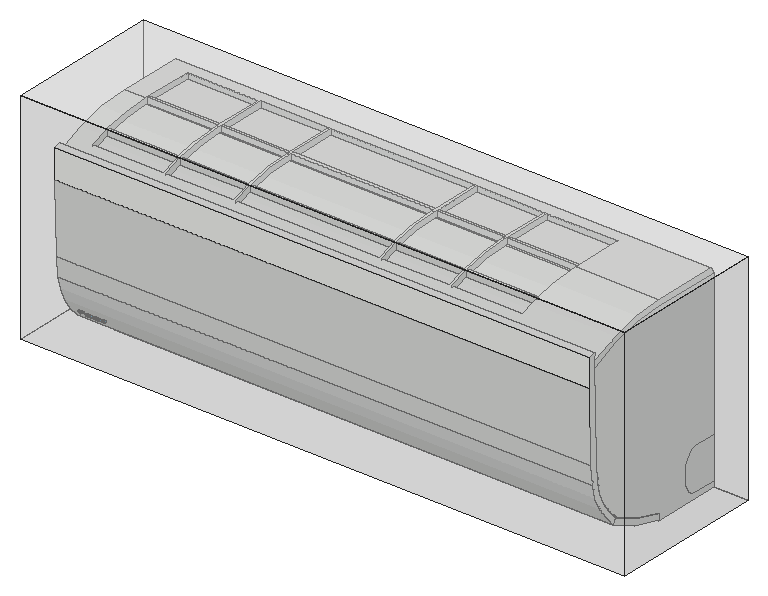
Revit family "outputfile", category 機械設備, Revit 2024
Family settings
  丸型コネクタ寸法 = 半径を使用
  パーツ タイプ = 標準
  OmniClass 番号 = 23.75.10.24.21.27.27
  OmniClass タイトル = Split System Air Conditioning Units
  作業面ベース = いいえ
  常に垂直 = はい
  ロード時にボイドで切り取り = いいえ
  注釈の向きを維持 = いいえ
  共有 = いいえ
  部屋計算ポイント = いいえ
Parameters (values of type "FTXF35W2VMA")
  Description = ""
  書き出し IFC クラス(タイプ) = "IfcUnitaryEquipmentType"
  定義済み IFC タイプ(タイプ) = "AIRCONDITIONINGUNIT"
  Cost = 0
  Type Comments = ""
  Keynote = ""
  Type Image = (empty or 0)
  Assembly Code = ""
  w_wall hole = if(Width = 770.0 mm, 48.0 mm, 60.0 mm)  # 48.0 mm
  製造元 = "Daikin"
  モデル = "FTXF35W2VMA"
  switch_frequency = yes
  r_Liquid Pipe Size = Liquid Pipe Size / 2  # 3.2 mm
  r_Gas Pipe Size = Gas Pipe Size / 2  # 4.75 mm
  r_Drain Pipe Size = Drain Pipe Size / 2  # 8.0 mm
  lw_powersupply [instance] = if(Width = 770.0 mm, if(or(Rear Right Connection_refrigerant, Bottom Right Connection_refrigerant), 25.0 mm, if(or(Rear Left Connection_refrigerant, Bottom Left Connection_refrigerant), 745.0 mm, 400.0 mm)), if(Width = 990.0 mm, if(or(Rear Right Connection_refrigerant, Bottom Right Connection_refrigerant), 40.0 mm, if(or(Rear Left Connection_refrigerant, Bottom Left Connection_refrigerant), 920.0 mm, 400.0 mm)), if(or(Rear Right Connection_refrigerant, Bottom Right Connection_refrigerant), 40.0 mm, if(or(Rear Left Connection_refrigerant, Bottom Left Connection_refrigerant), 920.0 mm, 400.0 mm))))  # 400.0 mm
  lw_liquidpipe [instance] = if(Width = 770.0 mm, if(or(Rear Right Connection_refrigerant, Bottom Right Connection_refrigerant), 0.0 mm, if(or(Rear Left Connection_refrigerant, Bottom Left Connection_refrigerant), 664.0 mm, 385.0 mm)), if(Width = 990.0 mm, if(or(Rear Right Connection_refrigerant, Bottom Right Connection_refrigerant), 0.0 mm, if(or(Rear Left Connection_refrigerant, Bottom Left Connection_refrigerant), 664.0 mm + (990.0 mm - 770.0 mm), 475.0 mm)), if(or(Rear Right Connection_refrigerant, Bottom Right Connection_refrigerant), 0.0 mm, if(or(Rear Left Connection_refrigerant, Bottom Left Connection_refrigerant), 664.0 mm + (990.0 mm - 770.0 mm), 475.0 mm))))  # 385.0 mm
  lw_gaspipe [instance] = if(Width = 770.0 mm, if(or(Rear Right Connection_refrigerant, Bottom Right Connection_refrigerant), 0.0 mm, if(or(Rear Left Connection_refrigerant, Bottom Left Connection_refrigerant), 675.0 mm, if(Gas Pipe Size = 12.7 mm, 335.0 mm, 335.0 mm))), if(Width = 990.0 mm, if(or(Rear Right Connection_refrigerant, Bottom Right Connection_refrigerant), 10.0 mm, if(or(Rear Left Connection_refrigerant, Bottom Left Connection_refrigerant), 890.0 mm, if(Gas Pipe Size = 15.9 mm, 400.0 mm, 400.0 mm))), if(or(Rear Right Connection_refrigerant, Bottom Right Connection_refrigerant), 10.0 mm, if(or(Rear Left Connection_refrigerant, Bottom Left Connection_refrigerant), 890.0 mm, if(Gas Pipe Size = 15.9 mm, 400.0 mm, 400.0 mm)))))  # 335.0 mm
  lw_drainpipe [instance] = if(Width = 770.0 mm, if(or(Rear Right Connection_refrigerant, Bottom Right Connection_refrigerant), 0.0 mm, if(or(Rear Left Connection_refrigerant, Bottom Left Connection_refrigerant), 770.0 mm - 48.0 mm - 48.0 mm, 440.0 mm)), if(Width = 990.0 mm, if(or(Rear Right Connection_refrigerant, Bottom Right Connection_refrigerant), 0.0 mm, if(or(Rear Left Connection_refrigerant, Bottom Left Connection_refrigerant), 675.0 mm + (990.0 mm - 770.0 mm), 435.0 mm)), if(or(Rear Right Connection_refrigerant, Bottom Right Connection_refrigerant), 0.0 mm, if(or(Rear Left Connection_refrigerant, Bottom Left Connection_refrigerant), 675.0 mm + (990.0 mm - 770.0 mm), 435.0 mm))))  # 440.0 mm
  l_powersupply_length [instance] = if(Width = 770.0 mm, if(Right Connection_refrigerant, 400.0 mm, if(Left Connection_refrigerant, 770.0 mm - 400.0 mm, if(or(Rear Left Connection_refrigerant, Rear Right Connection_refrigerant), 15.0 mm, 50.0 mm))), if(Width = 990.0 mm, if(Right Connection_refrigerant, 400.0 mm, if(Left Connection_refrigerant, 990.0 mm - 400.0 mm, if(or(Rear Left Connection_refrigerant, Rear Right Connection_refrigerant), 15.0 mm, 50.0 mm))), if(Right Connection_refrigerant, 400.0 mm, if(Left Connection_refrigerant, 990.0 mm - 400.0 mm, if(or(Rear Left Connection_refrigerant, Rear Right Connection_refrigerant), 15.0 mm, 50.0 mm)))))  # 400.0 mm
  l_liquidpipe_length [instance] = if(Width = 770.0 mm, if(Right Connection_refrigerant, 433.0 mm, if(Left Connection_refrigerant, 337.0 mm, if(or(Rear Left Connection_refrigerant, Rear Right Connection_refrigerant), 30.0 mm, 40.0 mm))), if(Width = 990.0 mm, if(Right Connection_refrigerant, 535.0 mm, if(Left Connection_refrigerant, 455.0 mm, if(or(Rear Left Connection_refrigerant, Rear Right Connection_refrigerant), 30.0 mm, 40.0 mm))), if(Right Connection_refrigerant, 535.0 mm, if(Left Connection_refrigerant, 455.0 mm, if(or(Rear Left Connection_refrigerant, Rear Right Connection_refrigerant), 30.0 mm, 40.0 mm)))))  # 433.0 mm
  l_gaspipe_length [instance] = if(Width = 770.0 mm, if(Right Connection_refrigerant, if(Gas Pipe Size = 12.7 mm, 383.0 mm, 383.0 mm), if(Left Connection_refrigerant, if(Gas Pipe Size = 12.7 mm, 770.0 mm - 383.0 mm, 770.0 mm - 383.0 mm), if(or(Rear Left Connection_refrigerant, Rear Right Connection_refrigerant), 40.0 mm, 50.0 mm))), if(Width = 990.0 mm, if(Right Connection_refrigerant, if(Gas Pipe Size = 15.9 mm, 460.0 mm, 460.0 mm), if(Left Connection_refrigerant, if(Gas Pipe Size = 15.9 mm, 990.0 mm - 460.0 mm, 990.0 mm - 460.0 mm), if(or(Rear Left Connection_refrigerant, Rear Right Connection_refrigerant), 40.0 mm, 50.0 mm))), if(Right Connection_refrigerant, if(Gas Pipe Size = 15.9 mm, 460.0 mm, 460.0 mm), if(Left Connection_refrigerant, if(Gas Pipe Size = 15.9 mm, 990.0 mm - 460.0 mm, 990.0 mm - 460.0 mm), if(or(Rear Left Connection_refrigerant, Rear Right Connection_refrigerant), 40.0 mm, 50.0 mm)))))  # 383.0 mm
  l_drainpipe_length [instance] = if(Width = 770.0 mm, if(Right Connection_refrigerant, 488.0 mm, if(Left Connection_refrigerant, 282.0 mm, if(or(Rear Left Connection_refrigerant, Rear Right Connection_refrigerant), 15.0 mm, 20.0 mm))), if(Width = 990.0 mm, if(Right Connection_refrigerant, 495.0 mm, if(Left Connection_refrigerant, 495.0 mm, if(or(Rear Left Connection_refrigerant, Rear Right Connection_refrigerant), 15.0 mm, 20.0 mm))), if(Right Connection_refrigerant, 495.0 mm, if(Left Connection_refrigerant, 495.0 mm, if(or(Rear Left Connection_refrigerant, Rear Right Connection_refrigerant), 15.0 mm, 20.0 mm)))))  # 488.0 mm
  h*** = 0.0 mm  # constant formula
  connector_voltage = Voltage_50Hz  # 230 V
  connector_powerinput = if([Power Input (Cooling)] > [Power Input (Heating)], [Power Input (Cooling)], [Power Input (Heating)])  # 0.000 kW
  connector_phase = Phase_50Hz  # 1
  angle_vertical [instance] = if(or(Bottom Left Connection_refrigerant, Bottom Right Connection_refrigerant), 0.00°, 90.00°)  # 90.00°
  angle_horizontal [instance] = if(Right Connection_refrigerant, 90.00°, if(Left Connection_refrigerant, -90.00°, if(or(Rear Left Connection_refrigerant, Rear Right Connection_refrigerant), 180.00°, 0.00°)))  # 90.00°
  Width = 770.0 mm
  Voltage_comment_50Hz = "220 - 240"
  Voltage_50Hz = 230 V
  Version = "ver.1.0"
  Unit Type = "Wall Mounted"
  Unit Mass Weight = 9.00 kg
  Unit Designation [instance] = ""
  Uniclass2015Version = "Products v1.30"
  Uniclass2015Title = "Split coil room air conditioning units"
  Uniclass2015Code = "Pr_70_65_03_86"
  URL = ""
  Total Heating Capacity [instance] = 0.000 kW
  Total Cooling Capacity [instance] = 0.000 kW
  Sound Pressure Level_M speed (dBA) = 35
  Sound Pressure Level_L speed (dBA) = 28
  Sound Pressure Level_H speed (dBA) = 42
  Sound Power Level_H speed (dB) = 0
  Series = "Single Split_Fan Coil Unit"
  Sensible Cooling Capacity [instance] = 0.000 kW
  Refrigerant Type = "R32"
  Power Input (Heating) = 0.000 kW
  Power Input (Cooling) = 0.000 kW
  Phase_50Hz = 1
  Option Accessory 3 [instance] = ""
  Option Accessory 2 [instance] = ""
  Option Accessory 1 [instance] = ""
  Nominal Heating Capacity = 3.700 kW
  Nominal Cooling Capacity = 3.500 kW
  Minimum Circuit Amps_50Hz = 0.0 A
  Minimum Airflow = 342.00 m³/h
  Median Airflow = 456.00 m³/h
  Maximum Fuse Amps_50Hz = 0.0 A
  Maximum Airflow = 624.00 m³/h
  Material_Casing = DAIKIN_PureWhite_Casing_indoorunit
  Load Classification = HVAC
  Liquid Pipe Size = 6.4 mm
  Link_Nested Family [instance] = ""
  IfcVersion = ""
  IfcExportType = "AIRCONDITIONINGUNIT"
  IfcExportAs = "IfcUnitaryEquipmentType"
  Height = 285.0 mm
  Heating Entering Wet Bulb Temperature [instance] = 0.00 °C
  Heating Entering Dry Bulb Temperature [instance] = 0.00 °C
  Heating Ambient Wet Bulb Temperature [instance] = 0.00 °C
  Heating Ambient Dry Bulb Temperature [instance] = 0.00 °C
  Heat Exchanger Type = "Cross Fin Coil"
  Gas Pipe Size = 9.5 mm
  Frequency_50Hz = 50 Hz
  Fan Type = "Cross Flow Fan"
  Fan Drive = "Direct Drive"
  FCU Tag No. [instance] = ""
  Drain Pipe Size = 16.0 mm
  Design Supply Airflow [instance] = 0.00 m³/h
  Depth = 223.0 mm
  既定の高さ = 0.0 mm
  Cooling Entering Wet Bulb Temperature [instance] = 0.00 °C
  Cooling Entering Dry Bulb Temperature [instance] = 0.00 °C
  Cooling Ambient Wet Bulb Temperature [instance] = 0.00 °C
  Cooling Ambient Dry Bulb Temperature [instance] = 0.00 °C
  Clearance visibility [instance] = yes
  Clearance Top = 30.0 mm
  Clearance Right = 50.0 mm
  Clearance Rear = 0.0 mm
  Clearance Left = 50.0 mm
  Clearance Front = 0.0 mm
  Clearance Bottom = 0.0 mm
  Bottom Right Connection_refrigerant [instance] = no
  Bottom Left Connection_refrigerant [instance] = no
  Rear Right Connection_refrigerant [instance] = no
  Rear Left Connection_refrigerant [instance] = no
  Right Connection_refrigerant [instance] = yes
  Left Connection_refrigerant [instance] = no
Reference planes
  plane 1 "Back": y = 0
  plane 2: z = 0
  plane 3 "Center (Left/Right)": x = 0
  plane 4 "Center (Front/Back)": y = -111.5
  plane 5 "Front": y = -223
  plane 6 "Left": x = -385
  plane 7 "Right": x = 385
  plane 8 "Top": z = 0
  plane 9 "Bottom": z = -285
  plane 10: x = -435
  plane 11: x = 435
  plane 12: y = 0
  plane 13: y = -223
  plane 14: z = 30
  plane 15: z = -285
  plane 16 "lw_Piping and Wiring intake": x = 337
  plane 17 "lw_gaspipe": x = 2
  plane 18 "lw_liquidpipe": x = -48
  plane 19 "lw_drainpipe": x = -103
  plane 20 "lh_drainpipe": z = -265
  plane 21 "lh_liquidpipe": z = -245
  plane 22 "lh_gaspipe": z = -235
  plane 23 "ld_drainpipe": y = -15
  plane 24 "ld_liquidpipe": y = -30
  plane 25 "ld_gaspipe": y = -40
  plane 26 "lw_powersupply": x = -15
Dimensions and locks
  equal spacing: plane 6 "Left", plane 3 "Center (Left/Right)", plane 7 "Right"
  "Width": plane 6 "Left" to plane 7 "Right"
  equal spacing: plane 5 "Front", plane 4 "Center (Front/Back)", plane 1 "Back"
  "Depth": plane 5 "Front" to plane 1 "Back"
  "Height": plane 8 "Top" to plane 9 "Bottom"
  "Clearance Rear": plane 12 to plane 1 "Back"
  "Clearance Front": plane 13 to plane 5 "Front"
  "Clearance Top": plane 14 to plane 8 "Top"
  "Clearance Bottom": plane 9 "Bottom" to plane 15
  "w_wall hole": plane 16 "lw_Piping and Wiring intake" to plane 7 "Right"
  "lw_gaspipe": plane 17 "lw_gaspipe" to plane 16 "lw_Piping and Wiring intake"
  "lw_liquidpipe": plane 18 "lw_liquidpipe" to plane 16 "lw_Piping and Wiring intake"
  "lw_drainpipe": plane 19 "lw_drainpipe" to plane 16 "lw_Piping and Wiring intake"
  locked: plane 20 "lh_drainpipe" to plane 9 "Bottom" at 20
  locked: plane 21 "lh_liquidpipe" to plane 9 "Bottom" at 40
  locked: plane 22 "lh_gaspipe" to plane 9 "Bottom" at 50
  locked: plane 23 "ld_drainpipe" to plane 1 "Back" at 15
  locked: plane 1 "Back" to plane 24 "ld_liquidpipe" at 30
  locked: plane 1 "Back" to plane 25 "ld_gaspipe" at 40
  "lw_powersupply": plane 26 "lw_powersupply" to plane 7 "Right"
  "Clearance Left": plane 10 to plane 6 "Left"
  "Clearance Right": plane 7 "Right" to plane 11
  aligned and locked: level to plane 2
  aligned and locked: plane 12 to nested 1
  aligned and locked: nested 1 to plane 13
  aligned and locked: plane 10 to nested 1
  aligned and locked: plane 11 to nested 1
  aligned and locked: plane 15 to nested 1
  aligned and locked: plane 14 to nested 1
  aligned and locked: plane 17 "lw_gaspipe" to nested 2
  aligned and locked: nested 2 to plane 25 "ld_gaspipe"
  aligned and locked: plane 18 "lw_liquidpipe" to nested 3
  aligned and locked: nested 3 to plane 24 "ld_liquidpipe"
  aligned and locked: plane 19 "lw_drainpipe" to nested 4
  aligned and locked: nested 4 to plane 23 "ld_drainpipe"
  aligned and locked: nested 5 to plane 23 "ld_drainpipe"
  aligned and locked: plane 26 "lw_powersupply" to nested 5
  aligned and locked: level to plane 8 "Top"
  aligned and locked: plane 3 "Center (Left/Right)" to nested 6
  aligned and locked: plane 1 "Back" to nested 6
  aligned and locked: plane 8 "Top" to nested 6
Nested families
  nested 1: "daikin_clearancespace" at (0, -111.5, -127.381), show <- "Clearance visibility", visible <- "Clearance visibility", Link_Nested Family <- "Link_Nested Family", type "daikin_clearancespace"
    with width 870.0 mm, show yes, height 315.0 mm, depth 223.0 mm, Link_Nested Family ""
  nested 2: "daikin_connector_rotate3" at (2, -40, -235), angle_vertical <- "angle_vertical", angle_horizontal <- "angle_horizontal", length <- "l_gaspipe_length", radius <- "r_Gas Pipe Size", type "daikin_connector_rotate3"
    with show no, radius 4.75 mm, length 383.0 mm, angle_vertical 90.00°, angle_horizontal 90.00°
  nested 3: "daikin_connector_rotate3" at (-48, -30, -245), angle_vertical <- "angle_vertical", angle_horizontal <- "angle_horizontal", radius <- "r_Liquid Pipe Size", length <- "l_liquidpipe_length", type "daikin_connector_rotate3"
    with show no, radius 3.2 mm, length 433.0 mm, angle_vertical 90.00°, angle_horizontal 90.00°
  nested 4: "daikin_connector_rotate3" at (-103, -15, -265), angle_vertical <- "angle_vertical", angle_horizontal <- "angle_horizontal", length <- "l_drainpipe_length", radius <- "r_Drain Pipe Size", type "daikin_connector_rotate3"
    with show no, radius 8.0 mm, length 488.0 mm, angle_vertical 90.00°, angle_horizontal 90.00°
  nested 5: "daikin_connector_rotate3" at (-15, -15, -235), angle_vertical <- "angle_vertical", angle_horizontal <- "angle_horizontal", length <- "l_powersupply_length", type "daikin_connector_rotate3"
    with show no, radius 10.0 mm, length 400.0 mm, angle_vertical 90.00°, angle_horizontal 90.00°
  nested 6: "DAIKIN_indoorunit_FTXF-W2VMA" at (-31, 0, 0), type "FTXF-W2VMA"
Connectors
  piping at (385, -40, -235), diameter 9.5, driven by "r_Gas Pipe Size"
    settings: on nested 2, index 1, connector inside diameter 609.6 mm, connector length 0.0 mm, flow factor 0, pipe flow 0.00 m³/h, pressure drop 0.0 Pa, fitting loss kfactor 0, connector angle 0.00°, fixture units 0, engagement length 0.0 mm, angle of deflection 0.00°, flow configuration 1, flow direction 2, fitting loss method 0, system type 29, joint type 0, gender type 0, connector reference index -1, connector utility 0, adjustable connector no, is connector primary yes, connector description "Refrigerant Gas Piping"
  piping at (385, -30, -245), diameter 6.4, driven by "r_Liquid Pipe Size"
    settings: on nested 3, index 2, connector inside diameter 609.6 mm, connector length 0.0 mm, flow factor 0, pipe flow 0.00 m³/h, pressure drop 0.0 Pa, fitting loss kfactor 0, connector angle 0.00°, fixture units 0, engagement length 0.0 mm, angle of deflection 0.00°, flow configuration 1, flow direction 1, fitting loss method 0, system type 29, joint type 0, gender type 0, connector reference index -1, connector utility 0, adjustable connector no, is connector primary no, connector description "Refrigerant Liquid Piping"
  piping at (385, -15, -265), diameter 16, driven by "r_Drain Pipe Size"
    settings: on nested 4, index 3, connector inside diameter 609.6 mm, connector length 0.0 mm, flow factor 0, pipe flow 0.00 m³/h, pressure drop 0.0 Pa, fitting loss kfactor 0, connector angle 0.00°, fixture units 0, engagement length 0.0 mm, angle of deflection 0.00°, flow configuration 1, flow direction 2, fitting loss method 4, system type 16, joint type 0, gender type 0, connector reference index -1, connector utility 0, adjustable connector no, is connector primary no, connector description "Condensate Drain Piping"
  electrical at (385, -15, -235), driven by "Load Classification", driven by "connector_powerinput", driven by "connector_voltage", driven by "connector_phase"
    settings: on nested 5, index 4, voltage 230 V, apparent load 0 VA, apparent load phase1 0 VA, apparent load phase2 0 VA, apparent load phase3 0 VA, power factor 1, load classification "HVAC", number of poles 1, system type 30, power factor state 1, is connector primary yes, connector utility no, sub classification motor no, connector description "Power Supply"
Definition of nested family "daikin_clearancespace"
  Parameters (values of type "daikin_clearancespace")
    Description = "daikin_clearancespace"
    width [instance] = 1823.963 mm
    show [instance] = yes
    material = none
    height [instance] = 1359.762 mm
    depth [instance] = 880.0 mm
    Default Elevation = 0.0 mm
    Link_Nested Family [instance] = ""
  Reference planes
    plane 1 "Center (Front/Back)": y = 0
    plane 2 "Center (Elevation)": z = -0.119
    plane 3 "Center (Left/Right)": x = 0
    plane 4: y = 440
    plane 5: y = -440
    plane 6 "Right": x = 911.982
    plane 7 "Left": x = -911.982
    plane 8 "Top": z = 679.762
    plane 9 "Bottom": z = -680
  Forms (mm)
    Extrusion 1, solid, material <- "material", visible <- "show"
      sketch origin (0, 0, 0) x (1, 0, 0) y (0, 1, 0)
        loop
          line (-911.982, 440) -> (-911.982, -440) -> (911.982, -440) -> (911.982, 440) -> (-911.982, 440)
      from -680 to 679.762
  Lines and regions (mm)
    symbolic lines, visible <- "show"
      curve 1: line (911.982, 440, 0) -> (-911.982, 440, 0)
      curve 2: line (-911.982, 440, 0) -> (-911.982, -440, 0)
      curve 3: line (-911.982, -440, 0) -> (911.982, -440, 0)
      curve 4: line (911.982, -440, 0) -> (911.982, 440, 0)
      curve 5: line (911.982, 0, 679.762) -> (-911.982, 0, 679.762)
      curve 6: line (911.982, 0, -680) -> (911.982, 0, 679.762)
      curve 7: line (-911.982, 0, -680) -> (911.982, 0, -680)
      curve 8: line (-911.982, 0, 679.762) -> (-911.982, 0, -680)
      curve 9: line (0, 440, 679.762) -> (0, -440, 679.762)
      curve 10: line (0, -440, 679.762) -> (0, -440, -680)
      curve 11: line (0, 440, -680) -> (0, 440, 679.762)
      curve 12: line (0, -440, -680) -> (0, 440, -680)
  Dimensions and locks
    "width": plane 7 "Left" to plane 6 "Right"
    "depth": plane 4 to plane 5
    "height": plane 8 "Top" to plane 9 "Bottom"
    equal spacing: plane 7 "Left", plane 3 "Center (Left/Right)", plane 6 "Right"
    equal spacing: plane 4, plane 1 "Center (Front/Back)", plane 5
    equal spacing: plane 8 "Top", plane 2 "Center (Elevation)", plane 9 "Bottom"
    aligned and locked: level to plane 2 "Center (Elevation)"
    aligned and locked: Extrusion 1 sketch curve to plane 4
    aligned and locked: plane 7 "Left" to Extrusion 1 sketch curve
    aligned and locked: Extrusion 1 sketch curve to plane 5
    aligned and locked: Extrusion 1 sketch curve to plane 6 "Right"
    aligned and locked: plane 8 "Top" to Extrusion 1
    aligned and locked: curve 1 to Extrusion 1
    aligned and locked: curve 2 to Extrusion 1
    aligned and locked: curve 3 to Extrusion 1
    aligned and locked: curve 4 to Extrusion 1
    aligned and locked: curve 5 to Extrusion 1
    aligned and locked: curve 6 to Extrusion 1
    aligned and locked: curve 7 to Extrusion 1
    aligned and locked: curve 8 to Extrusion 1
    aligned and locked: curve 9 to Extrusion 1
    aligned and locked: curve 10 to Extrusion 1
    aligned and locked: curve 11 to Extrusion 1
    aligned and locked: curve 12 to Extrusion 1
    aligned and locked: Extrusion 1 to plane 9 "Bottom"
Definition of nested family "DAIKIN_indoorunit_FTXF-W2VMA"
  Parameters (values of type "FTKF-TVMA")
    switch_unit1_60-71 = Width = 990.0 mm  # no
    switch_unit1_20-50 = Width = 770.0 mm  # yes
    Width = 770.0 mm
    WALL HOLE-R = if(Width = 770.0 mm, 48.0 mm, 60.0 mm)  # 48.0 mm
    WALL HOLE Size = if(Width = 770.0 mm, 65.0 mm, 80.0 mm)  # 65.0 mm
    Material_Casing = none
    Height = if(Width = 770.0 mm, 285.0 mm, 295.0 mm)  # 285.0 mm
    Default Elevation = 0.0 mm
  Reference planes
    plane 1 "Center (Front/Back)": y = 0
    plane 2 "reference_level": z = 0
    plane 3 "Center (Left/Right)": x = 31
    plane 4: x = -354
    plane 5: x = 416
    plane 6: z = -285
  Forms (mm)
    Extrusion 1, solid, material <- "Material_Casing", visible <- "switch_unit1_20-50"
      sketch origin (29, 0, 0) x (0, 1, 0) y (0, 0, 1)
        loop
          line (-5, 0) -> (-98, 0)
          arc (-98, 0) -> (-157.611, -7.211) -> (-213.783, -28.427) r 250
          arc (-213.783, -28.427) -> (-213.842, -32.972) -> (-213.892, -37.516) r 2191
          arc (-213.892, -37.516) -> (-157.832, -15.495) -> (-98.07, -8) r 242
          line (-98.07, -8) -> (0, -8) -> (-5, 0)
      from -383 to 387
    Extrusion 2, solid, material <- "Material_Casing", visible <- "switch_unit1_20-50"
      sketch origin (416, 1296.25, 1200) x (0, 1, 0) y (0, 0, 1)
        loop
          line (-1472.998, -1446.91) -> (-1476.998, -1453.839)
          arc (-1476.998, -1453.839) -> (-1437.481, -1472.422) -> (-1395.25, -1483.538) r 240
          line (-1395.25, -1483.538) -> (-1395.25, -1475.422)
          arc (-1395.25, -1475.422) -> (-1435.407, -1464.663) -> (-1472.998, -1446.91) r 232
      from 0 to -47.5
    Extrusion 3, solid, material <- "Material_Casing", visible <- "switch_unit1_20-50"
      sketch origin (29, 0, 0) x (0, 1, 0) y (0, 0, 1)
        loop
          arc (-223, -60.455) -> (-222.414, -110.646) -> (-220.656, -160.81) r 2149.92
          arc (-220.656, -160.81) -> (-219.65, -174.299) -> (-217.853, -187.706) r 229.911
          arc (-217.853, -187.706) -> (-205.371, -223.594) -> (-181.517, -253.17) r 111
          line (-181.517, -253.17) -> (-177.429, -246.093)
          arc (-177.429, -246.093) -> (-198.77, -218.989) -> (-209.965, -186.36) r 103
          arc (-209.965, -186.36) -> (-211.681, -173.586) -> (-212.651, -160.735) r 221.844
          arc (-212.651, -160.735) -> (-214.739, -93.233) -> (-214.74, -25.699) r 2186.828
          arc (-214.74, -25.699) -> (-214.671, -21.467) -> (-214.594, -17.235) r 2192
          line (-214.594, -17.235) -> (-223, -19.961) -> (-223, -60.455)
      from -383 to 387
    Extrusion 4, solid, material <- "Material_Casing", visible <- "switch_unit1_20-50"
      sketch origin (29, 0, -20) x (0, 1, 0) y (0, 0, 1)
        loop
          line (0, -265) -> (0, 12) -> (-98.07, 12)
          arc (-98.07, 12) -> (-157.832, 4.505) -> (-213.892, -17.516) r 242
          arc (-213.892, -17.516) -> (-213.638, -79.114) -> (-211.653, -140.681) r 2191
          arc (-211.653, -140.681) -> (-210.685, -153.501) -> (-208.973, -166.243) r 221
          arc (-208.973, -166.243) -> (-197.471, -199.282) -> (-175.482, -226.491) r 102
          arc (-175.482, -226.491) -> (-138.004, -244.019) -> (-98, -254.579) r 231
          line (-98, -254.579) -> (-98, -265) -> (0, -265)
      from -383 to 387
    Extrusion 5, solid, material <- "Material_Casing", visible <- "switch_unit1_20-50"
      sketch origin (-354, 1296.25, 1200) x (0, 1, 0) y (0, 0, 1)
        loop
          line (-1472.998, -1446.91) -> (-1476.998, -1453.839)
          arc (-1476.998, -1453.839) -> (-1437.481, -1472.422) -> (-1395.25, -1483.538) r 240
          line (-1395.25, -1483.538) -> (-1395.25, -1475.422)
          arc (-1395.25, -1475.422) -> (-1435.407, -1464.663) -> (-1472.998, -1446.91) r 232
      from 47 to 0
    Extrusion 6, solid, material <- "Material_Casing", visible <- "switch_unit1_20-50"
      sketch origin (416, 1296.25, 1200) x (0, 1, 0) y (0, 0, 1)
        loop
          line (-1472.998, -1446.91) -> (-1476.998, -1453.839)
          arc (-1476.998, -1453.839) -> (-1443.437, -1470.168) -> (-1407.75, -1481.097) r 240
          line (-1407.75, -1481.097) -> (-1407.75, -1472.894)
          arc (-1407.75, -1472.894) -> (-1441.363, -1462.385) -> (-1472.998, -1446.91) r 232
      from -116.993 to -48.493
    Extrusion 7, solid, material <- "Material_Casing", visible <- "switch_unit1_20-50"
      sketch origin (416, 1296.25, 1200) x (0, 1, 0) y (0, 0, 1)
        loop
          line (-1472.998, -1446.91) -> (-1476.998, -1453.839)
          arc (-1476.998, -1453.839) -> (-1443.437, -1470.168) -> (-1407.75, -1481.097) r 240
          line (-1407.75, -1481.097) -> (-1407.75, -1472.894)
          arc (-1407.75, -1472.894) -> (-1441.363, -1462.385) -> (-1472.998, -1446.91) r 232
      from -717 to -121.993
    Extrusion 8, void
      sketch origin (31, 0, -235) x (1, 0, 0) y (0, 1, 0)
        loop
          line (-252.674, -22.316) -> (-354.941, -22.316) -> (-354.941, -91.341) -> (-252.674, -91.341) -> (-252.674, -22.316)
        loop
          line (-249.341, -91.341) -> (-151.574, -91.341) -> (-151.574, -22.316) -> (-249.341, -22.316) -> (-249.341, -91.341)
        loop
          line (58.309, -22.316) -> (-148.309, -22.316) -> (-148.309, -91.341) -> (58.309, -91.341) -> (58.309, -22.316)
        loop
          line (61.689, -22.316) -> (61.689, -91.341) -> (159.457, -91.341) -> (159.457, -22.316) -> (61.689, -22.316)
        loop
          line (162.789, -22.316) -> (162.789, -91.341) -> (265.057, -91.341) -> (265.057, -22.316) -> (162.789, -22.316)
        loop
          line (-354.941, -94.659) -> (-354.941, -165.259) -> (-252.674, -165.259) -> (-252.674, -94.659) -> (-354.941, -94.659)
        loop
          line (-249.341, -94.659) -> (-249.341, -165.259) -> (-151.574, -165.259) -> (-151.574, -94.659) -> (-249.341, -94.659)
        loop
          line (-148.309, -94.659) -> (-148.309, -165.259) -> (58.309, -165.259) -> (58.309, -94.659) -> (-148.309, -94.659)
        loop
          line (61.689, -94.659) -> (61.689, -165.259) -> (159.457, -165.259) -> (159.457, -94.659) -> (61.689, -94.659)
        loop
          line (162.789, -94.659) -> (162.789, -165.259) -> (265.057, -165.259) -> (265.057, -94.659) -> (162.789, -94.659)
        loop
          line (-354.941, -167.382) -> (-354.941, -192.681) -> (-252.674, -192.681) -> (-252.674, -167.382) -> (-354.941, -167.382)
        loop
          line (-249.341, -167.382) -> (-249.341, -192.681) -> (-151.574, -192.681) -> (-151.574, -167.382) -> (-249.341, -167.382)
        loop
          line (-148.309, -167.382) -> (-148.309, -192.681) -> (58.309, -192.681) -> (58.309, -167.382) -> (-148.309, -167.382)
        loop
          line (159.457, -167.382) -> (61.689, -167.382) -> (61.689, -192.681) -> (159.457, -192.681) -> (159.457, -167.382)
        loop
          line (265.057, -167.382) -> (162.789, -167.382) -> (162.789, -192.681) -> (265.057, -192.681) -> (265.057, -167.382)
      from 201.638 to 250
    Extrusion 9, solid, material <- "Material_Casing"
      sketch origin (31, 0, 0) x (1, 0, 0) y (0, 0, 1)
        loop
          circle (337, -240.5) r 32.5
        loop
          circle (-337, -240.5) r 32.5
      from 0 to 5
    Extrusion 10, solid, material <- "Material_Casing", visible <- "switch_unit1_20-50"
      sketch origin (416, 1296.25, 1200) x (0, -1, 0) y (0, 0, 1)
        loop
          line (1326.25, -1417) -> (1296.25, -1417) -> (1296.25, -1477) -> (1326.25, -1477)
          arc (1326.25, -1477) -> (1340.393, -1471.142) -> (1346.25, -1457) r 20
          line (1346.25, -1457) -> (1346.25, -1437)
          arc (1346.25, -1437) -> (1340.393, -1422.858) -> (1326.25, -1417) r 20
      from 0 to 5
    Extrusion 11, solid, material <- "Material_Casing", visible <- "switch_unit1_20-50"
      sketch origin (-354, 1296.25, 1200) x (0, 1, 0) y (0, 0, 1)
        loop
          line (-1296.25, -1417) -> (-1326.25, -1417)
          arc (-1326.25, -1417) -> (-1340.393, -1422.858) -> (-1346.25, -1437) r 20
          line (-1346.25, -1437) -> (-1346.25, -1457)
          arc (-1346.25, -1457) -> (-1340.393, -1471.142) -> (-1326.25, -1477) r 20
          line (-1326.25, -1477) -> (-1296.25, -1477) -> (-1296.25, -1417)
      from 0 to 5
    Extrusion 12, solid, material <- "Material_Casing", visible <- "switch_unit1_20-50"
      sketch origin (31, 0, -285) x (-1, 0, 0) y (0, -1, 0)
        loop
          line (-314, 0) -> (-314, 30)
          arc (-314, 30) -> (-319.858, 44.142) -> (-334, 50) r 20
          line (-334, 50) -> (-354, 50)
          arc (-354, 50) -> (-368.142, 44.142) -> (-374, 30) r 20
          line (-374, 30) -> (-374, 0) -> (-314, 0)
        loop
          line (374, 0) -> (374, 30)
          arc (374, 30) -> (368.142, 44.142) -> (354, 50) r 20
          line (354, 50) -> (334, 50)
          arc (334, 50) -> (319.858, 44.142) -> (314, 30) r 20
          line (314, 30) -> (314, 0) -> (374, 0)
      from 0 to 5
    Extrusion 13, solid, material <- "Material_Casing", visible <- "switch_unit1_60-71"
      sketch origin (31, 0, 0) x (0, 1, 0) y (0, 0, 1)
        loop
          line (-5, 0) -> (-138, 0)
          arc (-138, 0) -> (-197.611, -7.211) -> (-253.783, -28.427) r 250
          arc (-253.783, -28.427) -> (-253.838, -32.687) -> (-253.886, -36.946) r 2191
          arc (-253.886, -36.946) -> (-197.73, -15.346) -> (-138.014, -8) r 246.393
          line (-138.014, -8) -> (0, -8) -> (-5, 0)
      from -495 to 495
    Extrusion 14, solid, material <- "Material_Casing", visible <- "switch_unit1_60-71"
      sketch origin (418, 1296.25, 1200) x (0, 1, 0) y (0, 0, 1)
        loop
          arc (-1515.208, -1454.149) -> (-1506.856, -1460.599) -> (-1497.925, -1466.219) r 110
          arc (-1497.925, -1466.219) -> (-1445.718, -1487.493) -> (-1389.844, -1494.995) r 223
          line (-1389.844, -1494.995) -> (-1389.844, -1486.086) -> (-1404.386, -1486.086)
          arc (-1404.386, -1486.086) -> (-1449.542, -1477.46) -> (-1491.818, -1459.402) r 214.289
          arc (-1491.818, -1459.402) -> (-1501.056, -1453.541) -> (-1509.606, -1446.715) r 101
          line (-1509.606, -1446.715) -> (-1515.208, -1454.149)
      from 108 to 57.5
    Extrusion 15, solid, material <- "Material_Casing", visible <- "switch_unit1_60-71"
      sketch origin (31, 0, 0) x (0, 1, 0) y (0, 0, 1)
        loop
          line (-263, -19.962) -> (-263, -61.6)
          arc (-263, -61.6) -> (-262.414, -110.219) -> (-260.656, -158.81) r 2017.341
          arc (-260.656, -158.81) -> (-255.648, -191.935) -> (-244.041, -223.362) r 164.725
          arc (-244.041, -223.362) -> (-233.569, -239.793) -> (-219.717, -253.495) r 87.379
          line (-219.717, -253.495) -> (-214.706, -246.846)
          arc (-214.706, -246.846) -> (-229.564, -230.029) -> (-240.385, -210.371) r 102
          arc (-240.385, -210.371) -> (-249.049, -182.962) -> (-252.848, -154.467) r 165.789
          arc (-252.848, -154.467) -> (-254.771, -90.102) -> (-254.74, -25.708) r 2122.533
          arc (-254.74, -25.708) -> (-254.671, -21.469) -> (-254.594, -17.23) r 2192
          line (-254.594, -17.23) -> (-263, -19.962)
      from -495 to 495
    Extrusion 16, void
      sketch origin (33, 0, 0) x (1, 0, 0) y (0, 1, 0)
        loop
          line (-466.909, -22.316) -> (-466.909, -111.341) -> (-366.303, -111.341) -> (-366.303, -22.316) -> (-466.909, -22.316)
        loop
          line (-362.71, -22.316) -> (-362.71, -111.341) -> (-262.103, -111.341) -> (-262.103, -22.316) -> (-362.71, -22.316)
        loop
          line (-258.51, -22.316) -> (-258.51, -111.341) -> (-157.904, -111.341) -> (-157.904, -22.316) -> (-258.51, -22.316)
        loop
          line (-154.31, -22.316) -> (-154.31, -111.341) -> (-53.704, -111.341) -> (-53.704, -22.316) -> (-154.31, -22.316)
        loop
          line (-50.11, -22.316) -> (-50.11, -111.341) -> (50.496, -111.341) -> (50.496, -22.316) -> (-50.11, -22.316)
        loop
          line (54.089, -22.316) -> (54.089, -111.341) -> (154.696, -111.341) -> (154.696, -22.316) -> (54.089, -22.316)
        loop
          line (158.289, -22.316) -> (158.289, -111.341) -> (258.895, -111.341) -> (258.895, -22.316) -> (158.289, -22.316)
        loop
          line (262.489, -22.316) -> (262.489, -111.341) -> (363.095, -111.341) -> (363.095, -22.316) -> (262.489, -22.316)
        loop
          line (-466.909, -114.459) -> (-466.909, -185.059) -> (-366.303, -185.059) -> (-366.303, -114.459) -> (-466.909, -114.459)
        loop
          line (-362.71, -114.459) -> (-362.71, -185.059) -> (-262.103, -185.059) -> (-262.103, -114.459) -> (-362.71, -114.459)
        loop
          line (-258.51, -114.459) -> (-258.51, -185.059) -> (-157.904, -185.059) -> (-157.904, -114.459) -> (-258.51, -114.459)
        loop
          line (-154.31, -114.459) -> (-154.31, -185.059) -> (-53.704, -185.059) -> (-53.704, -114.459) -> (-154.31, -114.459)
        loop
          line (-50.11, -114.459) -> (-50.11, -185.059) -> (50.496, -185.059) -> (50.496, -114.459) -> (-50.11, -114.459)
        loop
          line (54.089, -114.459) -> (54.089, -185.059) -> (154.696, -185.059) -> (154.696, -114.459) -> (54.089, -114.459)
        loop
          line (158.289, -114.459) -> (158.289, -185.059) -> (258.895, -185.059) -> (258.895, -114.459) -> (158.289, -114.459)
        loop
          line (262.489, -114.459) -> (262.489, -185.059) -> (363.095, -185.059) -> (363.095, -114.459) -> (262.489, -114.459)
        loop
          line (-466.909, -187.382) -> (-466.909, -232.681) -> (-366.303, -232.681) -> (-366.303, -187.382) -> (-466.909, -187.382)
        loop
          line (-362.71, -187.382) -> (-362.71, -232.681) -> (-262.103, -232.681) -> (-262.103, -187.382) -> (-362.71, -187.382)
        loop
          line (-258.51, -187.382) -> (-258.51, -232.681) -> (-157.904, -232.681) -> (-157.904, -187.382) -> (-258.51, -187.382)
        loop
          line (-154.31, -187.382) -> (-154.31, -232.681) -> (-53.704, -232.681) -> (-53.704, -187.382) -> (-154.31, -187.382)
        loop
          line (-50.11, -187.382) -> (-50.11, -232.681) -> (50.496, -232.681) -> (50.496, -187.382) -> (-50.11, -187.382)
        loop
          line (54.089, -187.382) -> (54.089, -232.681) -> (154.696, -232.681) -> (154.696, -187.382) -> (54.089, -187.382)
        loop
          line (158.289, -187.382) -> (158.289, -232.681) -> (258.895, -232.681) -> (258.895, -187.382) -> (158.289, -187.382)
        loop
          line (262.489, -187.382) -> (262.489, -232.681) -> (363.095, -232.681) -> (363.095, -187.382) -> (262.489, -187.382)
      from -40.013 to 47.268
    Extrusion 17, solid, material <- "Material_Casing", visible <- "switch_unit1_60-71"
      sketch origin (-356, 1296.25, 1200) x (0, 1, 0) y (0, 0, -1)
        loop
          line (-1515.208, 1454.149) -> (-1509.606, 1446.715)
          arc (-1509.606, 1446.715) -> (-1501.056, 1453.541) -> (-1491.818, 1459.402) r 101
          arc (-1491.818, 1459.402) -> (-1449.542, 1477.46) -> (-1404.386, 1486.086) r 214.289
          line (-1404.386, 1486.086) -> (-1389.844, 1486.086) -> (-1389.844, 1494.995)
          arc (-1389.844, 1494.995) -> (-1445.718, 1487.493) -> (-1497.925, 1466.219) r 223
          arc (-1497.925, 1466.219) -> (-1506.856, 1460.599) -> (-1515.208, 1454.149) r 110
      from 108 to 61
    Extrusion 18, solid, material <- "Material_Casing", visible <- "switch_unit1_60-71"
      sketch origin (418, 1296.25, 1200) x (0, 1, 0) y (0, 0, 1)
        loop
          arc (-1515.208, -1454.149) -> (-1506.856, -1460.599) -> (-1497.925, -1466.219) r 110
          arc (-1497.925, -1466.219) -> (-1463.185, -1482.066) -> (-1426.25, -1491.755) r 223
          line (-1426.25, -1491.755) -> (-1426.25, -1483.166)
          arc (-1426.25, -1483.166) -> (-1460.008, -1473.969) -> (-1491.818, -1459.402) r 214.289
          arc (-1491.818, -1459.402) -> (-1501.056, -1453.541) -> (-1509.606, -1446.715) r 101
          line (-1509.606, -1446.715) -> (-1515.208, -1454.149)
      from 56.5 to -36.993
    Extrusion 19, solid, material <- "Material_Casing", visible <- "switch_unit1_60-71"
      sketch origin (418, 1296.25, 1200) x (0, 1, 0) y (0, 0, 1)
        loop
          arc (-1426.25, -1483.166) -> (-1443.442, -1479.224) -> (-1460.25, -1473.881) r 214.289
          line (-1460.25, -1473.881) -> (-1460.25, -1483.089)
          arc (-1460.25, -1483.089) -> (-1443.421, -1488.091) -> (-1426.25, -1491.755) r 223
          line (-1426.25, -1491.755) -> (-1426.25, -1483.166)
      from -43.493 to -828.893
    Extrusion 20, solid, material <- "Material_Casing", visible <- "switch_unit1_60-71"
      sketch origin (418, 1296.25, 1200) x (0, 1, 0) y (0, 0, 1)
        loop
          arc (-1515.208, -1454.149) -> (-1506.856, -1460.599) -> (-1497.925, -1466.219) r 110
          arc (-1497.925, -1466.219) -> (-1479.479, -1475.527) -> (-1460.25, -1483.089) r 223
          line (-1460.25, -1483.089) -> (-1460.25, -1473.881)
          arc (-1460.25, -1473.881) -> (-1476.328, -1467.282) -> (-1491.818, -1459.402) r 214.289
          arc (-1491.818, -1459.402) -> (-1501.056, -1453.541) -> (-1509.606, -1446.715) r 101
          line (-1509.606, -1446.715) -> (-1515.208, -1454.149)
      from -43.493 to -828.893
    Extrusion 21, solid, material <- "Material_Casing", visible <- "switch_unit1_60-71"
      sketch origin (31, 0, -30) x (0, 1, 0) y (0, 0, 1)
        loop
          line (0, 22) -> (-138.014, 22)
          arc (-138.014, 22) -> (-197.73, 14.654) -> (-253.886, -6.946) r 246.393
          arc (-253.886, -6.946) -> (-253.682, -65.635) -> (-251.855, -124.295) r 2120.935
          arc (-251.855, -124.295) -> (-248.086, -152.682) -> (-239.461, -179.988) r 164.789
          arc (-239.461, -179.988) -> (-228.903, -199.231) -> (-214.437, -215.738) r 101
          line (-214.437, -215.738) -> (-212.406, -216.221)
          arc (-212.406, -216.221) -> (-204.07, -222.837) -> (-195.079, -228.53) r 100
          arc (-195.079, -228.53) -> (-145.557, -248.629) -> (-92.593, -255.785) r 213.289
          line (-92.593, -255.785) -> (-92.593, -265) -> (0, -265) -> (0, 22)
      from -495 to 495
    Extrusion 22, solid, material <- "Material_Casing", visible <- "switch_unit1_60-71"
      sketch origin (526, 1296.25, 1200) x (0, -1, 0) y (0, 0, 1)
        loop
          line (1326.25, -1427.035) -> (1296.25, -1427.035) -> (1296.25, -1487.035) -> (1326.25, -1487.035)
          arc (1326.25, -1487.035) -> (1340.393, -1481.177) -> (1346.25, -1467.035) r 20
          line (1346.25, -1467.035) -> (1346.25, -1447.035)
          arc (1346.25, -1447.035) -> (1340.393, -1432.892) -> (1326.25, -1427.035) r 20
      from 0 to 5
    Extrusion 23, solid, material <- "Material_Casing", visible <- "switch_unit1_60-71"
      sketch origin (-459, 1296.25, 1200) x (0, -1, 0) y (0, 0, 1)
        loop
          line (1326.25, -1427.035) -> (1296.25, -1427.035) -> (1296.25, -1487.035) -> (1326.25, -1487.035)
          arc (1326.25, -1487.035) -> (1340.393, -1481.177) -> (1346.25, -1467.035) r 20
          line (1346.25, -1467.035) -> (1346.25, -1447.035)
          arc (1346.25, -1447.035) -> (1340.393, -1432.892) -> (1326.25, -1427.035) r 20
      from 0 to 5
    Extrusion 24, solid, material <- "Material_Casing", visible <- "switch_unit1_60-71"
      sketch origin (31, 200, -295) x (-1, 0, 0) y (0, -1, 0)
        loop
          line (469, 200) -> (469, 230)
          arc (469, 230) -> (463.142, 244.142) -> (449, 250) r 20
          line (449, 250) -> (429, 250)
          arc (429, 250) -> (414.858, 244.142) -> (409, 230) r 20
          line (409, 230) -> (409, 200) -> (469, 200)
        loop
          line (-469, 200) -> (-409, 200) -> (-409, 230)
          arc (-409, 230) -> (-414.858, 244.142) -> (-429, 250) r 20
          line (-429, 250) -> (-449, 250)
          arc (-449, 250) -> (-463.142, 244.142) -> (-469, 230) r 20
          line (-469, 230) -> (-469, 200)
      from 0 to 5
  Cuts and joins
    Extrusion 8 cuts Extrusion 1
    Extrusion 16 cuts Extrusion 13
  Lines and regions (mm)
    reference lines
      curve 1: line (-523, -201.911, -229.404) -> (-523, -193.542, -239.977)
      curve 2: line (-523, -240.779, -229.404) -> (-523, -232.411, -239.977)
  Dimensions and locks
    locked: Extrusion 10 sketch curve to Extrusion 10 sketch curve at 60
    locked: Extrusion 10 sketch curve to Extrusion 10 sketch curve at 50
    locked: Extrusion 12 sketch curve to Extrusion 12 sketch curve at 60  (x2)
    locked: Extrusion 12 sketch curve to Extrusion 12 sketch curve at 50
    equal spacing: plane 5, plane 3 "Center (Left/Right)", plane 4
    "Width": plane 5 to plane 4
    locked: Extrusion 9 sketch curve to plane 4 at 48
    "WALL HOLE-R": plane 5 to Extrusion 9 sketch curve
    "Height": plane 2 "reference_level" to plane 6
    locked: Extrusion 9 sketch curve to plane 6 at 44.5  (x2)
    locked: Extrusion 15 to nested 2 at 15
    locked: Extrusion 22 sketch curve to Extrusion 22 sketch curve at 60
    locked: Extrusion 22 sketch curve to Extrusion 22 sketch curve at 50
    locked: Extrusion 23 sketch curve to Extrusion 23 sketch curve at 60
    locked: Extrusion 23 sketch curve to Extrusion 23 sketch curve at 50
    locked: Extrusion 24 sketch curve to Extrusion 24 sketch curve at 60  (x2)
    locked: Extrusion 24 sketch curve to Extrusion 24 sketch curve at 50  (x2)
    "WALL HOLE Size": diameter of Extrusion 9 sketch curve  (x2)
    aligned and locked: level to plane 2 "reference_level"
    aligned and locked: nested 1 to curve 1
    aligned and locked: Extrusion 11 sketch curve to Extrusion 10  (x4)
    aligned and locked: Extrusion 12 sketch curve to Extrusion 12 sketch curve  (x2)
    aligned and locked: Extrusion 9 to plane 1 "Center (Front/Back)"
    aligned and locked: nested 2 to curve 2
  Automatic sketch dimensions
    curve 1 to level = 239.977 mm
    plane 1 "Center (Front/Back)" to curve 1 = 193.542 mm
    curve 2 to curve 1 = 0.0 mm
    curve 2 to curve 2 = 10.573 mm
    curve 1 to curve 1 = 10.573 mm
    curve 1 to curve 1 = 8.368 mm
    curve 1 to curve 2 = 30.5 mm
    curve 2 to curve 2 = 8.368 mm
    Extrusion 1 sketch curve to level = 0.0 mm
    Extrusion 1 sketch curve to plane 1 "Center (Front/Back)" = 0.0 mm
    plane 1 "Center (Front/Back)" to Extrusion 1 sketch curve = 5.0 mm
    plane 1 "Center (Front/Back)" to Extrusion 1 sketch curve = 98.0 mm
    Extrusion 1 sketch curve to Extrusion 1 sketch curve = 0.07 mm
    Extrusion 1 sketch curve to level = 59.292 mm
    Extrusion 1 sketch curve to plane 1 "Center (Front/Back)" = 1977.0 mm
    Extrusion 1 sketch curve to level = 250.0 mm
    Extrusion 1 sketch curve to Extrusion 1 sketch curve = 0.0 mm
    Extrusion 1 sketch curve to level = 8.0 mm
    Extrusion 1 sketch curve to level = 28.427 mm
    plane 1 "Center (Front/Back)" to Extrusion 2 sketch curve = 180.748 mm
    Extrusion 2 sketch curve to Extrusion 2 sketch curve = 4.0 mm
    Extrusion 2 sketch curve to Extrusion 2 sketch curve = 77.747 mm
    plane 1 "Center (Front/Back)" to Extrusion 2 sketch curve = 59.279 mm
    Extrusion 2 sketch curve to Extrusion 2 sketch curve = 0.0 mm
    Extrusion 2 sketch curve to level = 283.538 mm
    Extrusion 2 sketch curve to Extrusion 2 sketch curve = 8.116 mm
    Extrusion 2 sketch curve to Extrusion 2 sketch curve = 21.583 mm
    Extrusion 2 sketch curve to Extrusion 2 sketch curve = 6.929 mm
    Extrusion 3 sketch curve to level = 19.961 mm
    plane 1 "Center (Front/Back)" to Extrusion 3 sketch curve = 223.0 mm
    Extrusion 3 sketch curve to level = 17.235 mm
    Extrusion 3 sketch curve to Extrusion 3 sketch curve = 8.406 mm
    plane 1 "Center (Front/Back)" to Extrusion 3 sketch curve = 181.517 mm
    Extrusion 3 sketch curve to Extrusion 3 sketch curve = 4.087 mm
    Extrusion 3 sketch curve to Extrusion 3 sketch curve = 69.11 mm
    Extrusion 3 sketch curve to Extrusion 3 sketch curve = 0.001 mm
    Extrusion 3 sketch curve to plane 1 "Center (Front/Back)" = 8.955 mm
    Extrusion 3 sketch curve to Extrusion 3 sketch curve = 0.067 mm
    Extrusion 3 sketch curve to level = 60.455 mm
    Extrusion 3 sketch curve to Extrusion 3 sketch curve = 1917.898 mm
    Extrusion 3 sketch curve to Extrusion 3 sketch curve = 44.907 mm
    Extrusion 3 sketch curve to Extrusion 3 sketch curve = 5.172 mm
    Extrusion 3 sketch curve to level = 150.456 mm
    Extrusion 3 sketch curve to Extrusion 3 sketch curve = 0.006 mm
    Extrusion 3 sketch curve to Extrusion 3 sketch curve = 19.265 mm
    Extrusion 3 sketch curve to Extrusion 3 sketch curve = 0.004 mm
    Extrusion 3 sketch curve to Extrusion 3 sketch curve = 76.368 mm
    Extrusion 3 sketch curve to Extrusion 3 sketch curve = 7.077 mm
    Extrusion 3 sketch curve to Extrusion 3 sketch curve = 1.002 mm
    Extrusion 3 sketch curve to Extrusion 3 sketch curve = 0.046 mm
    Extrusion 3 sketch curve to Extrusion 3 sketch curve = 8.005 mm
    Extrusion 3 sketch curve to Extrusion 3 sketch curve = 0.147 mm
    Extrusion 3 sketch curve to Extrusion 3 sketch curve = 0.0 mm
    Extrusion 4 sketch curve to plane 1 "Center (Front/Back)" = 0.0 mm
    plane 1 "Center (Front/Back)" to Extrusion 4 sketch curve = 59.278 mm
    Extrusion 4 sketch curve to Extrusion 4 sketch curve = 98.0 mm
    Extrusion 4 sketch curve to Extrusion 4 sketch curve = 0.0 mm  (x3)
    Extrusion 4 sketch curve to level = 8.0 mm
    Extrusion 4 sketch curve to Extrusion 4 sketch curve = 38.791 mm
    Extrusion 4 sketch curve to Extrusion 4 sketch curve = 10.249 mm
    Extrusion 4 sketch curve to plane 1 "Center (Front/Back)" = 9.11 mm
    Extrusion 4 sketch curve to level = 59.292 mm
    Extrusion 4 sketch curve to Extrusion 4 sketch curve = 1967.89 mm
    Extrusion 4 sketch curve to Extrusion 4 sketch curve = 142.454 mm
    Extrusion 4 sketch curve to Extrusion 4 sketch curve = 19.271 mm
    Extrusion 4 sketch curve to Extrusion 4 sketch curve = 80.275 mm
    Extrusion 4 sketch curve to Extrusion 4 sketch curve = 24.579 mm
    Extrusion 4 sketch curve to Extrusion 4 sketch curve = 10.421 mm
    Extrusion 4 sketch curve to level = 46.847 mm
    Extrusion 4 sketch curve to Extrusion 4 sketch curve = 77.412 mm
    Extrusion 4 sketch curve to Extrusion 4 sketch curve = 33.49 mm
    Extrusion 4 sketch curve to Extrusion 4 sketch curve = 2.68 mm
    plane 1 "Center (Front/Back)" to Extrusion 5 sketch curve = 180.748 mm
    Extrusion 5 sketch curve to Extrusion 5 sketch curve = 4.0 mm
    Extrusion 5 sketch curve to Extrusion 5 sketch curve = 77.747 mm
    plane 1 "Center (Front/Back)" to Extrusion 5 sketch curve = 59.279 mm
    Extrusion 5 sketch curve to Extrusion 5 sketch curve = 0.0 mm
    Extrusion 5 sketch curve to level = 283.538 mm
    Extrusion 5 sketch curve to Extrusion 5 sketch curve = 8.116 mm
    Extrusion 5 sketch curve to Extrusion 5 sketch curve = 21.583 mm
    Extrusion 5 sketch curve to Extrusion 5 sketch curve = 6.929 mm
    plane 1 "Center (Front/Back)" to Extrusion 6 sketch curve = 180.748 mm
    Extrusion 6 sketch curve to Extrusion 6 sketch curve = 4.0 mm
    Extrusion 6 sketch curve to Extrusion 6 sketch curve = 65.247 mm
    plane 1 "Center (Front/Back)" to Extrusion 6 sketch curve = 59.279 mm
    Extrusion 6 sketch curve to Extrusion 6 sketch curve = 0.0 mm
    Extrusion 6 sketch curve to level = 281.097 mm
    Extrusion 6 sketch curve to Extrusion 6 sketch curve = 8.203 mm
    Extrusion 6 sketch curve to Extrusion 6 sketch curve = 19.055 mm
    Extrusion 6 sketch curve to Extrusion 6 sketch curve = 6.929 mm
    plane 1 "Center (Front/Back)" to Extrusion 7 sketch curve = 180.748 mm
    Extrusion 7 sketch curve to Extrusion 7 sketch curve = 4.0 mm
    Extrusion 7 sketch curve to Extrusion 7 sketch curve = 65.247 mm
    plane 1 "Center (Front/Back)" to Extrusion 7 sketch curve = 59.279 mm
    Extrusion 7 sketch curve to Extrusion 7 sketch curve = 0.0 mm
    Extrusion 7 sketch curve to level = 281.097 mm
    Extrusion 7 sketch curve to Extrusion 7 sketch curve = 8.203 mm
    Extrusion 7 sketch curve to Extrusion 7 sketch curve = 19.055 mm
    Extrusion 7 sketch curve to Extrusion 7 sketch curve = 6.929 mm
    plane 1 "Center (Front/Back)" to Extrusion 8 sketch curve = 165.259 mm  (x2)
    Extrusion 8 sketch curve to plane 3 "Center (Left/Right)" = 354.941 mm
    plane 1 "Center (Front/Back)" to Extrusion 8 sketch curve = 22.316 mm  (x3)
    Extrusion 8 sketch curve to Extrusion 8 sketch curve = 0.0 mm  (x26)
    Extrusion 8 sketch curve to Extrusion 8 sketch curve = 102.268 mm  (x2)
    Extrusion 8 sketch curve to Extrusion 8 sketch curve = 3.332 mm  (x4)
    Extrusion 8 sketch curve to Extrusion 8 sketch curve = 97.768 mm  (x2)
    Extrusion 8 sketch curve to Extrusion 8 sketch curve = 3.264 mm  (x3)
    plane 3 "Center (Left/Right)" to Extrusion 8 sketch curve = 58.309 mm
    Extrusion 8 sketch curve to Extrusion 8 sketch curve = 3.38 mm  (x3)
    Extrusion 8 sketch curve to Extrusion 8 sketch curve = 2.124 mm  (x6)
    Extrusion 8 sketch curve to Extrusion 8 sketch curve = 25.299 mm  (x2)
    Extrusion 8 sketch curve to Extrusion 8 sketch curve = 70.6 mm
    Extrusion 8 sketch curve to Extrusion 8 sketch curve = 3.317 mm  (x4)
    Extrusion 10 sketch curve to plane 1 "Center (Front/Back)" = 0.0 mm
    Extrusion 10 sketch curve to Extrusion 10 sketch curve = 20.0 mm  (x2)
    Extrusion 10 sketch curve to level = 277.0 mm
    plane 1 "Center (Front/Back)" to Extrusion 12 sketch curve = 0.0 mm
    plane 3 "Center (Left/Right)" to Extrusion 12 sketch curve = 374.0 mm
    Extrusion 12 sketch curve to Extrusion 12 sketch curve = 20.0 mm  (x3)
    plane 1 "Center (Front/Back)" to Extrusion 12 sketch curve = 30.0 mm
    Extrusion 12 sketch curve to plane 3 "Center (Left/Right)" = 314.0 mm
    Extrusion 13 sketch curve to level = 0.0 mm
    Extrusion 13 sketch curve to plane 1 "Center (Front/Back)" = 0.0 mm
    plane 1 "Center (Front/Back)" to Extrusion 13 sketch curve = 5.0 mm
    Extrusion 13 sketch curve to Extrusion 13 sketch curve = 133.0 mm
    Extrusion 13 sketch curve to Extrusion 13 sketch curve = 0.013 mm
    Extrusion 13 sketch curve to level = 59.292 mm
    Extrusion 13 sketch curve to plane 1 "Center (Front/Back)" = 1937.0 mm
    Extrusion 13 sketch curve to Extrusion 13 sketch curve = 250.0 mm
    Extrusion 13 sketch curve to Extrusion 13 sketch curve = 4.393 mm
    Extrusion 13 sketch curve to level = 8.0 mm
    Extrusion 13 sketch curve to level = 28.427 mm
    plane 1 "Center (Front/Back)" to Extrusion 14 sketch curve = 218.957 mm
    Extrusion 14 sketch curve to Extrusion 14 sketch curve = 5.601 mm
    Extrusion 14 sketch curve to Extrusion 14 sketch curve = 65.735 mm
    Extrusion 14 sketch curve to Extrusion 14 sketch curve = 1.462 mm
    plane 1 "Center (Front/Back)" to Extrusion 14 sketch curve = 108.136 mm
    Extrusion 14 sketch curve to Extrusion 14 sketch curve = 14.543 mm
    plane 1 "Center (Front/Back)" to Extrusion 14 sketch curve = 92.093 mm
    Extrusion 14 sketch curve to Extrusion 14 sketch curve = 1.354 mm
    Extrusion 14 sketch curve to level = 294.995 mm
    Extrusion 14 sketch curve to Extrusion 14 sketch curve = 8.909 mm
    Extrusion 14 sketch curve to Extrusion 14 sketch curve = 31.937 mm
    Extrusion 14 sketch curve to Extrusion 14 sketch curve = 7.433 mm
    Extrusion 14 sketch curve to Extrusion 14 sketch curve = 75.403 mm
    Extrusion 14 sketch curve to Extrusion 14 sketch curve = 0.896 mm
    Extrusion 14 sketch curve to level = 72.504 mm
    Extrusion 14 sketch curve to Extrusion 14 sketch curve = 0.504 mm
    Extrusion 15 sketch curve to level = 19.962 mm
    plane 1 "Center (Front/Back)" to Extrusion 15 sketch curve = 263.0 mm
    Extrusion 15 sketch curve to level = 17.23 mm
    Extrusion 15 sketch curve to Extrusion 15 sketch curve = 8.406 mm
    Extrusion 15 sketch curve to Extrusion 15 sketch curve = 43.283 mm
    Extrusion 15 sketch curve to Extrusion 15 sketch curve = 5.011 mm
    Extrusion 15 sketch curve to Extrusion 15 sketch curve = 49.129 mm
    Extrusion 15 sketch curve to Extrusion 15 sketch curve = 19.417 mm
    Extrusion 15 sketch curve to Extrusion 15 sketch curve = 50.037 mm
    Extrusion 15 sketch curve to Extrusion 15 sketch curve = 8.89 mm
    Extrusion 15 sketch curve to level = 61.6 mm
    Extrusion 15 sketch curve to plane 1 "Center (Front/Back)" = 1754.341 mm
    Extrusion 15 sketch curve to level = 58.909 mm
    Extrusion 15 sketch curve to Extrusion 15 sketch curve = 113.192 mm
    Extrusion 15 sketch curve to Extrusion 15 sketch curve = 69.467 mm
    Extrusion 15 sketch curve to level = 146.886 mm
    Extrusion 15 sketch curve to Extrusion 15 sketch curve = 3.987 mm
    Extrusion 15 sketch curve to Extrusion 15 sketch curve = 20.44 mm
    Extrusion 15 sketch curve to Extrusion 15 sketch curve = 13.597 mm
    Extrusion 15 sketch curve to Extrusion 15 sketch curve = 61.936 mm
    Extrusion 15 sketch curve to Extrusion 15 sketch curve = 6.649 mm
    Extrusion 15 sketch curve to level = 59.438 mm
    Extrusion 15 sketch curve to Extrusion 15 sketch curve = 0.0 mm
    Extrusion 15 sketch curve to Extrusion 15 sketch curve = 0.147 mm
    Extrusion 15 sketch curve to Extrusion 15 sketch curve = 7.808 mm
    plane 1 "Center (Front/Back)" to Extrusion 16 sketch curve = 22.316 mm  (x6)
    Extrusion 16 sketch curve to plane 3 "Center (Left/Right)" = 464.909 mm
    Extrusion 16 sketch curve to Extrusion 16 sketch curve = 0.0 mm  (x27)
    Extrusion 16 sketch curve to Extrusion 16 sketch curve = 100.606 mm  (x7)
    Extrusion 16 sketch curve to Extrusion 16 sketch curve = 3.594 mm  (x16)
    Extrusion 16 sketch curve to plane 3 "Center (Left/Right)" = 51.704 mm
    plane 3 "Center (Left/Right)" to Extrusion 16 sketch curve = 52.496 mm  (x2)
    Extrusion 16 sketch curve to Extrusion 16 sketch curve = 89.026 mm  (x6)
    Extrusion 16 sketch curve to Extrusion 16 sketch curve = 3.117 mm  (x8)
    Extrusion 16 sketch curve to Extrusion 16 sketch curve = 70.6 mm  (x7)
    Extrusion 16 sketch curve to Extrusion 16 sketch curve = 2.324 mm  (x8)
    Extrusion 16 sketch curve to Extrusion 16 sketch curve = 45.299 mm  (x7)
    plane 1 "Center (Front/Back)" to Extrusion 17 sketch curve = 218.957 mm
    Extrusion 17 sketch curve to Extrusion 17 sketch curve = 5.601 mm
    Extrusion 17 sketch curve to Extrusion 17 sketch curve = 65.735 mm
    Extrusion 17 sketch curve to Extrusion 17 sketch curve = 1.462 mm
    plane 1 "Center (Front/Back)" to Extrusion 17 sketch curve = 108.136 mm
    Extrusion 17 sketch curve to Extrusion 17 sketch curve = 14.543 mm
    plane 1 "Center (Front/Back)" to Extrusion 17 sketch curve = 92.093 mm
    Extrusion 17 sketch curve to Extrusion 17 sketch curve = 1.354 mm
    Extrusion 17 sketch curve to level = 72.0 mm
    Extrusion 17 sketch curve to Extrusion 17 sketch curve = 0.504 mm
    Extrusion 17 sketch curve to Extrusion 17 sketch curve = 98.416 mm
    Extrusion 17 sketch curve to Extrusion 17 sketch curve = 0.896 mm
    Extrusion 17 sketch curve to Extrusion 17 sketch curve = 76.3 mm
    Extrusion 17 sketch curve to Extrusion 17 sketch curve = 7.433 mm
    Extrusion 17 sketch curve to Extrusion 17 sketch curve = 26.684 mm
    Extrusion 17 sketch curve to Extrusion 17 sketch curve = 8.909 mm
    plane 1 "Center (Front/Back)" to Extrusion 18 sketch curve = 218.957 mm
    Extrusion 18 sketch curve to Extrusion 18 sketch curve = 5.601 mm
    Extrusion 18 sketch curve to Extrusion 18 sketch curve = 65.735 mm
    Extrusion 18 sketch curve to Extrusion 18 sketch curve = 1.462 mm
    Extrusion 18 sketch curve to Extrusion 18 sketch curve = 83.356 mm
    plane 1 "Center (Front/Back)" to Extrusion 18 sketch curve = 92.093 mm
    Extrusion 18 sketch curve to Extrusion 18 sketch curve = 1.354 mm
    Extrusion 18 sketch curve to level = 291.755 mm
    Extrusion 18 sketch curve to Extrusion 18 sketch curve = 8.588 mm
    Extrusion 18 sketch curve to Extrusion 18 sketch curve = 29.018 mm
    Extrusion 18 sketch curve to Extrusion 18 sketch curve = 7.433 mm
    Extrusion 18 sketch curve to Extrusion 18 sketch curve = 75.403 mm
    Extrusion 18 sketch curve to Extrusion 18 sketch curve = 0.896 mm
    Extrusion 18 sketch curve to level = 72.504 mm
    Extrusion 18 sketch curve to Extrusion 18 sketch curve = 0.504 mm
    plane 1 "Center (Front/Back)" to Extrusion 19 sketch curve = 164.0 mm
    Extrusion 19 sketch curve to Extrusion 19 sketch curve = 34.0 mm
    plane 1 "Center (Front/Back)" to Extrusion 19 sketch curve = 92.093 mm
    Extrusion 19 sketch curve to Extrusion 19 sketch curve = 1.354 mm
    Extrusion 19 sketch curve to level = 291.755 mm
    Extrusion 19 sketch curve to Extrusion 19 sketch curve = 8.588 mm
    Extrusion 19 sketch curve to Extrusion 19 sketch curve = 0.077 mm
    Extrusion 19 sketch curve to Extrusion 19 sketch curve = 9.207 mm
    plane 1 "Center (Front/Back)" to Extrusion 20 sketch curve = 218.957 mm
    Extrusion 20 sketch curve to Extrusion 20 sketch curve = 5.601 mm
    Extrusion 20 sketch curve to Extrusion 20 sketch curve = 49.356 mm
    Extrusion 20 sketch curve to Extrusion 20 sketch curve = 65.735 mm
    Extrusion 20 sketch curve to Extrusion 20 sketch curve = 1.462 mm
    plane 1 "Center (Front/Back)" to Extrusion 20 sketch curve = 92.093 mm
    Extrusion 20 sketch curve to Extrusion 20 sketch curve = 1.354 mm
    Extrusion 20 sketch curve to level = 283.089 mm
    Extrusion 20 sketch curve to Extrusion 20 sketch curve = 9.207 mm
    Extrusion 20 sketch curve to Extrusion 20 sketch curve = 19.733 mm
    Extrusion 20 sketch curve to Extrusion 20 sketch curve = 7.433 mm
    Extrusion 20 sketch curve to Extrusion 20 sketch curve = 75.403 mm
    Extrusion 20 sketch curve to Extrusion 20 sketch curve = 0.896 mm
    Extrusion 20 sketch curve to level = 72.504 mm
    Extrusion 20 sketch curve to Extrusion 20 sketch curve = 0.504 mm
    Extrusion 21 sketch curve to Extrusion 21 sketch curve = 0.0 mm  (x4)
    Extrusion 21 sketch curve to plane 1 "Center (Front/Back)" = 0.0 mm
    plane 1 "Center (Front/Back)" to Extrusion 21 sketch curve = 87.233 mm
    Extrusion 21 sketch curve to Extrusion 21 sketch curve = 3.506 mm
    Extrusion 21 sketch curve to Extrusion 21 sketch curve = 92.593 mm
    Extrusion 21 sketch curve to Extrusion 21 sketch curve = 45.42 mm
    Extrusion 21 sketch curve to Extrusion 21 sketch curve = 58.927 mm
    Extrusion 21 sketch curve to Extrusion 21 sketch curve = 74.393 mm
    Extrusion 21 sketch curve to Extrusion 21 sketch curve = 2.031 mm
    Extrusion 21 sketch curve to level = 58.927 mm
    Extrusion 21 sketch curve to plane 1 "Center (Front/Back)" = 1866.935 mm
    Extrusion 21 sketch curve to level = 72.504 mm
    Extrusion 21 sketch curve to Extrusion 21 sketch curve = 74.381 mm
